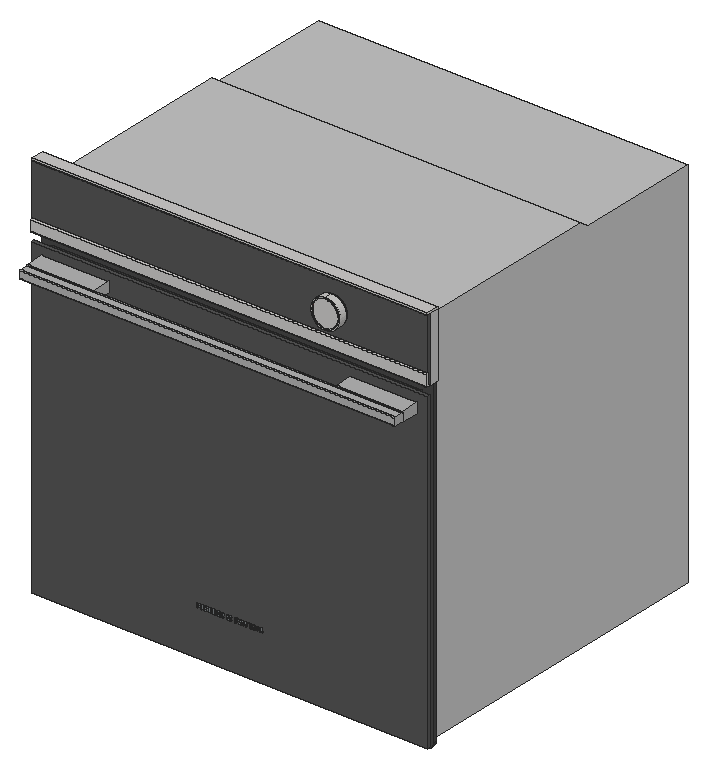
Revit family "FP-Revit18-OB60SD13PLX1-Oven-0-AU-IE-NZ-UK-90002665A", category Specialty Equipment, Revit 2018
Family settings
  Round Connector Dimension = Use Diameter
  Part Type = Normal
  OmniClass Number = 23.40.40.14.17.11
  OmniClass Title = Cookers, Ovens, Stoves
  Work Plane-Based = No
  Always vertical = Yes
  Cut with Voids When Loaded = Yes
  Shared = No
  Room Calculation Point = No
Parameters (values of type "OB60SD13PLX1")
  Visibility - Clearance Required = yes
  URL = "www.fisherpaykel.com"
  Product - Width = 596 mm  # constant formula
  Product - Height = 598 mm  # constant formula
  Product - Depth = 565 mm  # constant formula
  Model = "OB60SD13PLX1"
  Material - Trim = Fisher & Paykel - Stainless Steel
  Material - Structure = Fisher & Paykel - Black
  Material - Logo = Fisher & Paykel - Graphics Grey
  Material - Handle = Fisher & Paykel - Aluminium
  Material - Glass = Fisher & Paykel - Glass, Black
  Material - Buttons and Dials = Fisher & Paykel - Stainless Steel
  Material - Body = Fisher & Paykel - Grey
  Material - Bezel = Fisher & Paykel - Bezel Red
  Manufacturer = "Fisher & Paykel Appliances"
  FFL Offset [instance] = 200 mm
  Description = "60cm Built-In Oven"
  Connector Note - Electrical = "220-240 V, 12.8 - 13.8 A, 50 Hz"
  Chassis - Width = 556 mm  # constant formula
  Chassis - Height = 575 mm  # constant formula
  Chassis - Depth = 545 mm  # constant formula
  Cavity - Width = 560 mm  # constant formula
  Cavity - Height = 580 mm  # constant formula
  Cavity - Depth = 550 mm  # constant formula
Reference planes
  plane 1 "Datum": y = 0
  plane 2: z = 0
  plane 3 "Center (Left/Right)": x = 0
  plane 4 "Cavity": z = 780
  plane 5 "Product Height": z = 798
  plane 6 "Product LHS": x = -298
  plane 7 "Product RHS": x = 298
  plane 8 "Cavity LHS": x = -300
  plane 9 "Cavity RHS": x = 300
  plane 10 "Cavity - Depth": y = 550
  plane 11 "Product Depth": y = 545
  plane 12 "Front Face": y = -20
  plane 13 "FFL Offset": z = 200
  plane 14 "Cavity Height": z = 800
Forms (mm)
  Extrusion 1, solid, material "Fisher & Paykel - Grey" <- "Material - Body"
    sketch origin (0, 0, 0) x (0, 1, 0) y (0, 0, 1)
      loop
        line (0, 200) -> (525, 200) -> (525, 393.99) -> (545, 413.99) -> (545, 609.73) -> (495, 659.73) -> (495, 764.6) -> (307.721, 764.6) -> (293.958, 775) -> (0, 775) -> (0, 200)
    from -278 to 278
  Extrusion 2, void
    sketch origin (0, 0, 0) x (1, 0, 0) y (0, 1, 0)
      loop
        line (-278, 495) -> (-229.13, 495) -> (-179.13, 545) -> (-278, 545) -> (-278, 495)
      loop
        line (278, 495) -> (278, 545) -> (94.617, 545) -> (114.617, 525) -> (199.13, 525) -> (229.13, 495) -> (278, 495)
    from 200 to 764.6
  Extrusion 3, solid, material "Fisher & Paykel - Stainless Steel" <- "Material - Trim"
    sketch origin (0, 0, 0) x (0, 1, 0) y (0, 0, 1)
      loop
        line (0, 798) -> (-20.5, 798) -> (-20.5, 795.1) -> (0, 795.1) -> (0, 798)
    from -297.7 to 297.7
  Extrusion 4, solid, material "Fisher & Paykel - Grey" <- "Material - Body"
    sketch origin (0, 0, 0) x (0, 1, 0) y (0, 0, 1)
      loop
        line (-16, 795.1) -> (-16, 698) -> (0, 698) -> (0, 795.1) -> (-16, 795.1)
    from -297.7 to 297.7
  Extrusion 5, solid, material "Fisher & Paykel - Glass, Black" <- "Material - Glass"
    sketch origin (0, 0, 0) x (1, 0, 0) y (0, 0, 1)
      loop
        line (-298, 685.199) -> (-298, 210.2) -> (298, 210.2) -> (298, 685.199) -> (-298, 685.199)
      loop
        line (-298, 699.5) -> (298, 699.5) -> (298, 794.5) -> (-298, 794.5) -> (-298, 699.5)
    from 16 to 20
  Extrusion 6, solid, material "Fisher & Paykel - Black" <- "Material - Structure"
    sketch origin (0, 0, 0) x (0, 1, 0) y (0, 0, 1)
      loop
        line (-13.8, 683.7) -> (-16, 683.7) -> (-16, 224.7) -> (-5, 224.7) -> (-5, 680.497) -> (-13.8, 683.7)
    from -277 to 277
  Extrusion 7, solid, material "Fisher & Paykel - Black" <- "Material - Structure"
    sketch origin (0, 0, 0) x (1, 0, 0) y (0, 0, 1)
      loop
        line (-295, 698) -> (-295, 209.536)
        arc (-295, 209.536) -> (-292.207, 202.793) -> (-285.464, 200) r 9.536
        line (-285.464, 200) -> (285.5, 200)
        arc (285.5, 200) -> (292.218, 202.782) -> (295, 209.5) r 9.5
        line (295, 209.5) -> (295, 698) -> (-295, 698)
    from 0 to 5
  Extrusion 8, solid, material "Fisher & Paykel - Clearance Required", visible <- "Visibility - Clearance Required", detail levels coarse
    sketch origin (0, 0, 0) x (0, 1, 0) y (0, 0, 1)
      loop
        line (0, 800) -> (-20, 800) -> (-20, 685.452)
        arc (-20, 685.452) -> (-338.426, 558.091) -> (-479.879, 245.669) r 459.33
        line (-479.879, 245.669) -> (-453.852, 243.749) -> (-456.942, 201.858) -> (-440.966, 200.68) -> (-437.876, 242.565) -> (-20, 211.735) -> (-20, 200) -> (0, 200) -> (0, 800)
    from -300 to 300
  Extrusion 9, solid, material "Fisher & Paykel - Clearance Required", visible <- "Visibility - Clearance Required", detail levels coarse
    sketch origin (0, 0, 0) x (1, 0, 0) y (0, 1, 0)
      loop
        line (-280, 0) -> (280, 0) -> (280, 550) -> (-280, 550) -> (-280, 0)
    from 200 to 780
  Extrusion 10, void
    sketch origin (0, 0, 0) x (1, 0, 0) y (0, 1, 0)
      loop
        line (-300, -20) -> (300, -20) -> (300, 0) -> (-300, 0) -> (-300, -20)
    from 200 to 800
  Extrusion 11, solid, material "Fisher & Paykel - Stainless Steel" <- "Material - Trim", detail levels fine
    sketch origin (0, 0, 0) x (0, 1, 0) y (0, 0, 1)
      loop
        line (-21.7, 715.595) -> (-21.7, 699.2)
        arc (-21.7, 699.2) -> (-21.349, 698.351) -> (-20.5, 698) r 1.2
        line (-20.5, 698) -> (-17.526, 698) -> (-17.526, 699.5) -> (-20, 699.5) -> (-20, 717.643) -> (-20.789, 717.643) -> (-21.7, 715.595)
    from -298 to 298
  Extrusion 12, void
    sketch origin (0, 0, 0) x (1, 0, 0) y (0, 1, 0)
      loop
        line (-280, 550) -> (-280, 0) -> (280, 0) -> (280, 550) -> (-280, 550)
    from 200 to 780
  Extrusion 13, solid, material "Fisher & Paykel - Aluminium" <- "Material - Handle", detail levels fine
    sketch origin (0, -21, 664.221) x (0, 1, 0) y (0, 0, 1)
      loop
        arc (-26.813, 6.16) -> (-27.196, 6.554) -> (-27.728, 6.686) r 1
        line (-27.728, 6.686) -> (-40.035, 6.256)
        arc (-40.035, 6.256) -> (-40.719, 5.951) -> (-41, 5.257) r 1
        line (-41, 5.257) -> (-41, -5.257)
        arc (-41, -5.257) -> (-40.719, -5.951) -> (-40.035, -6.256) r 1
        line (-40.035, -6.256) -> (-27.709, -6.686)
        arc (-27.709, -6.686) -> (-27.175, -6.554) -> (-26.792, -6.158) r 1
        arc (-26.792, -6.158) -> (-25.256, 0.004) -> (-26.813, 6.16) r 13.038
    from -282.5 to 282.5
  Extrusion 14, solid, material "Fisher & Paykel - Aluminium" <- "Material - Handle", detail levels fine
    sketch origin (0, -21, 664.221) x (0, 1, 0) y (0, 0, 1)
      loop
        arc (-26.626, -6.008) -> (-26.614, -6.49) -> (-26.2, -6.737) r 0.5
        line (-26.2, -6.737) -> (1, -7.732) -> (1, 7.741) -> (-26.174, 6.747)
        arc (-26.174, 6.747) -> (-26.587, 6.5) -> (-26.6, 6.019) r 0.5
        arc (-26.6, 6.019) -> (-25.156, 0.002) -> (-26.626, -6.008) r 13.136
    from 182.5 to 282.5
  Extrusion 15, solid, material "Fisher & Paykel - Aluminium" <- "Material - Handle", detail levels coarse+medium
    sketch origin (0, -21, 664.221) x (1, 0, 0) y (0, 1, 0)
      loop
        line (-282.5, -41) -> (282.5, -41) -> (282.5, 1) -> (182.5, 1) -> (182.5, -26.156) -> (-182.5, -26.156) -> (-182.5, 1) -> (-282.5, 1) -> (-282.5, -41)
    from -8.022 to 7.978
  Extrusion 16, solid, material "Fisher & Paykel - Aluminium" <- "Material - Handle", detail levels fine
    sketch origin (0, -21, 664.221) x (0, 1, 0) y (0, 0, 1)
      loop
        arc (-26.626, -6.008) -> (-26.614, -6.49) -> (-26.2, -6.737) r 0.5
        line (-26.2, -6.737) -> (1, -7.732) -> (1, 7.741) -> (-26.174, 6.747)
        arc (-26.174, 6.747) -> (-26.587, 6.5) -> (-26.6, 6.019) r 0.5
        arc (-26.6, 6.019) -> (-25.156, 0.002) -> (-26.626, -6.008) r 13.136
    from -282.5 to -182.5
  Extrusion 17, solid, material "Fisher & Paykel - Aluminium" <- "Material - Handle", not visible, detail levels fine
    sketch origin (0, -22, 652) x (0, 1, 0) y (0, 0, 1)
      loop
        arc (-26.813, 6.16) -> (-27.196, 6.554) -> (-27.728, 6.686) r 1
        line (-27.728, 6.686) -> (-40.035, 6.256)
        arc (-40.035, 6.256) -> (-40.719, 5.951) -> (-41, 5.257) r 1
        line (-41, 5.257) -> (-41, -5.257)
        arc (-41, -5.257) -> (-40.719, -5.951) -> (-40.035, -6.256) r 1
        line (-40.035, -6.256) -> (-27.709, -6.686)
        arc (-27.709, -6.686) -> (-27.175, -6.554) -> (-26.792, -6.158) r 1
        arc (-26.792, -6.158) -> (-25.256, 0.004) -> (-26.813, 6.16) r 13.038
    from -282.5 to 282.5
  Extrusion 18, solid, material "Fisher & Paykel - Aluminium" <- "Material - Handle", not visible, detail levels fine
    sketch origin (0, -22, 652) x (0, 1, 0) y (0, 0, 1)
      loop
        arc (-26.626, -6.008) -> (-26.614, -6.49) -> (-26.2, -6.737) r 0.5
        line (-26.2, -6.737) -> (1, -7.732) -> (1, 7.741) -> (-26.174, 6.747)
        arc (-26.174, 6.747) -> (-26.587, 6.5) -> (-26.6, 6.019) r 0.5
        arc (-26.6, 6.019) -> (-25.156, 0.002) -> (-26.626, -6.008) r 13.136
    from 182.5 to 282.5
  Extrusion 19, solid, material "Fisher & Paykel - Aluminium" <- "Material - Handle", not visible, detail levels coarse+medium
    sketch origin (0, -22, 652) x (1, 0, 0) y (0, 1, 0)
      loop
        line (-282.5, -41) -> (282.5, -41) -> (282.5, 1) -> (182.5, 1) -> (182.5, -26.156) -> (-182.5, -26.156) -> (-182.5, 1) -> (-282.5, 1) -> (-282.5, -41)
    from -8.022 to 7.978
  Extrusion 20, solid, material "Fisher & Paykel - Aluminium" <- "Material - Handle", not visible, detail levels fine
    sketch origin (0, -22, 652) x (0, 1, 0) y (0, 0, 1)
      loop
        arc (-26.626, -6.008) -> (-26.614, -6.49) -> (-26.2, -6.737) r 0.5
        line (-26.2, -6.737) -> (1, -7.732) -> (1, 7.741) -> (-26.174, 6.747)
        arc (-26.174, 6.747) -> (-26.587, 6.5) -> (-26.6, 6.019) r 0.5
        arc (-26.6, 6.019) -> (-25.156, 0.002) -> (-26.626, -6.008) r 13.136
    from -282.5 to -182.5
  Extrusion 21, solid, material "Fisher & Paykel - Graphics Grey" <- "Material - Logo", detail levels fine
    sketch origin (0, -20, 278.956) x (1, 0, 0) y (0, 0, 1)
      loop
        line (-49.544, 0) -> (-47.97, 0) -> (-47.97, 2.138) -> (-45.511, 2.138) -> (-45.511, 3.472) -> (-47.97, 3.472) -> (-47.97, 4.712) -> (-45.295, 4.712) -> (-45.295, 6.04) -> (-49.544, 6.04) -> (-49.544, 0)
      loop
        line (-42.304, 6.04) -> (-42.304, 0) -> (-40.73, 0) -> (-40.73, 6.04) -> (-42.304, 6.04)
      loop
        line (-30.224, 6.04) -> (-30.224, 0) -> (-28.651, 0) -> (-28.651, 2.42) -> (-26.339, 2.42) -> (-26.339, 0) -> (-24.765, 0) -> (-24.765, 6.04) -> (-26.339, 6.04) -> (-26.339, 3.748) -> (-28.651, 3.748) -> (-28.651, 6.04) -> (-30.224, 6.04)
      loop
        line (-21.406, 6.04) -> (-21.406, 0) -> (-17.102, 0) -> (-17.102, 1.328) -> (-19.847, 1.328) -> (-19.847, 2.42) -> (-17.338, 2.42) -> (-17.338, 3.748) -> (-19.847, 3.748) -> (-19.847, 4.712) -> (-17.102, 4.712) -> (-17.102, 6.04) -> (-21.406, 6.04)
      loop
        line (46.167, 6.04) -> (46.167, 0) -> (50.456, 0) -> (50.456, 1.328) -> (47.741, 1.328) -> (47.741, 6.04) -> (46.167, 6.04)
      loop
        line (42.931, 6.04) -> (38.612, 6.04) -> (38.612, 0) -> (42.931, 0) -> (42.931, 1.328) -> (40.187, 1.328) -> (40.187, 2.42) -> (42.695, 2.42) -> (42.695, 3.748) -> (40.187, 3.748) -> (40.187, 4.712) -> (42.931, 4.712) -> (42.931, 6.04)
      loop
        line (33.951, 3.148) -> (36.183, 6.04) -> (34.344, 6.04) -> (32.415, 3.542) -> (32.415, 6.04) -> (30.842, 6.04) -> (30.842, 0) -> (32.415, 0) -> (32.415, 2.705) -> (34.403, 0) -> (36.263, 0) -> (33.951, 3.148)
      loop
        line (22.48, 6.04) -> (24.762, 2.42) -> (24.762, 0) -> (26.337, 0) -> (26.337, 2.341) -> (28.619, 6.04) -> (26.946, 6.04) -> (25.599, 3.707) -> (24.253, 6.04) -> (22.48, 6.04)
      loop
        line (18.979, 6.04) -> (17.483, 6.04) -> (15.024, 0) -> (16.569, 0) -> (17.001, 1.112) -> (19.421, 1.112) -> (19.854, 0) -> (21.438, 0) -> (18.979, 6.04)
      loop
        line (18.9, 2.439) -> (18.193, 4.174) -> (17.518, 2.439) -> (18.9, 2.439)
      loop
        line (8.531, 6.04) -> (8.531, 0) -> (10.105, 0) -> (10.105, 1.938) -> (11.099, 1.938)
        arc (11.099, 1.938) -> (13.15, 3.989) -> (11.099, 6.04) r 2.051
        line (11.099, 6.04) -> (8.531, 6.04)
      loop
        line (10.105, 4.712) -> (10.105, 3.197) -> (11.001, 3.197)
        arc (11.001, 3.197) -> (11.759, 3.954) -> (11.001, 4.712) r 0.757
        line (11.001, 4.712) -> (10.105, 4.712)
      loop
        line (-11.283, 6.04) -> (-13.866, 6.04) -> (-13.866, 0) -> (-12.292, 0) -> (-12.292, 1.336) -> (-11.492, 1.336) -> (-10.472, 0) -> (-8.653, 0) -> (-10.194, 1.973)
        arc (-10.194, 1.973) -> (-9.178, 4.424) -> (-11.283, 6.04) r 2.179
      loop
        line (-11.397, 4.712) -> (-12.292, 4.712) -> (-12.292, 3.053) -> (-11.397, 3.053)
        arc (-11.397, 3.053) -> (-10.568, 3.882) -> (-11.397, 4.712) r 0.83
      loop
        line (0.977, 4.712) -> (0.977, 6.153) -> (-3.075, 6.153) -> (-3.075, 4.851) -> (-2.474, 4.112)
        arc (-2.474, 4.112) -> (-3.01, 0.684) -> (0.455, 0.512) r 2.334
        line (0.455, 0.512) -> (0.96, -0.109) -> (2.746, -0.109) -> (1.36, 1.594) -> (2.561, 3.324) -> (0.943, 3.324) -> (0.487, 2.667) -> (-1.177, 4.712) -> (0.977, 4.712)
      loop
        arc (-1.625, 3.068) -> (-1.769, 1.668) -> (-0.368, 1.524) r 0.996
        line (-0.368, 1.524) -> (-1.625, 3.068)
      loop
        line (-34.68, 3.634) -> (-36.016, 3.91)
        arc (-36.016, 3.91) -> (-36.549, 4.443) -> (-36.016, 4.976) r 0.533
        arc (-36.016, 4.976) -> (-34.735, 4.79) -> (-33.559, 4.248) r 4.505
        line (-33.559, 4.248) -> (-33.559, 5.743)
        arc (-33.559, 5.743) -> (-35.049, 6.179) -> (-36.6, 6.109) r 4.726
        arc (-36.6, 6.109) -> (-38.036, 4.335) -> (-36.6, 2.561) r 1.814
        line (-36.6, 2.561) -> (-35.254, 2.282)
        arc (-35.254, 2.282) -> (-34.721, 1.749) -> (-35.254, 1.216) r 0.533
        arc (-35.254, 1.216) -> (-36.535, 1.402) -> (-37.711, 1.945) r 4.505
        line (-37.711, 1.945) -> (-37.711, 0.449)
        arc (-37.711, 0.449) -> (-36.22, 0.013) -> (-34.669, 0.083) r 4.726
        arc (-34.669, 0.083) -> (-33.234, 1.863) -> (-34.68, 3.634) r 1.814
    from 0 to 0.8
  Revolve 22, solid, material "Fisher & Paykel - Stainless Steel" <- "Material - Buttons and Dials", detail levels fine
    sketch origin (154.861, -20, 752.537) x (0, 1, 0) y (0, 0, 1)
      loop
        line (0, 22) -> (-0.843, 22) -> (-0.843, 16.038) -> (-2.39, 16.038) -> (-2.39, 22) -> (-13.7, 22) -> (-13.7, 21.2) -> (-13.191, 20) -> (-8.9, 20) -> (-8.9, 0) -> (0, 0) -> (0, 22)
      axis (0, 0) -> (-13.7, 0)
    angle from 0 to 360
  Extrusion 23, solid, material "Fisher & Paykel - Stainless Steel" <- "Material - Buttons and Dials", detail levels fine
    sketch origin (154.861, -20, 752.537) x (1, 0, 0) y (0, 0, 1)
      loop
        circle (0, 0) r 19.45
    from 8.9 to 13.191
  Extrusion 24, solid, material "Fisher & Paykel - Stainless Steel" <- "Material - Buttons and Dials", detail levels coarse+medium
    sketch origin (154.861, -20, 752.537) x (1, 0, 0) y (0, 0, 1)
      loop
        circle (0, 0) r 22
    from 0 to 13.7
  Extrusion 25, solid, material "Fisher & Paykel - Bezel Red" <- "Material - Bezel", detail levels fine
    sketch origin (154.861, -20, 752.537) x (1, 0, 0) y (0, 0, 1)
      loop
        circle (0, 0) r 19.45
      loop
        circle (0, 0) r 20
    from 2.39 to 13.191
  Extrusion 26, solid, material "Fisher & Paykel - Grey" <- "Material - Body"
    sketch origin (154.861, 0, 0) x (0, 1, 0) y (0, 0, 1)
      loop
        line (495, 736) -> (495, 683) -> (514, 683) -> (514, 736) -> (495, 736)
    from -372.861 to -289.861
  Extrusion 27, solid, material "Fisher & Paykel - Grey" <- "Material - Body"
    sketch origin (154.861, 0, 0) x (0, 1, 0) y (0, 0, 1)
      loop
        circle (504.5, 703) r 4
    from -410 to -372.861
Cuts and joins
  Extrusion 2 cuts Extrusion 1
Lines and regions (mm)
  model lines, style "Fisher & Paykel"
    curve 1: line (217, -20, 334) -> (-217, -20, 334)
    curve 2: line (217, -20, 617.236) -> (217, -20, 334)
    curve 3: line (-217, -20, 617.236) -> (217, -20, 617.236)
    curve 4: line (-217, -20, 334) -> (-217, -20, 617.236)
Text (mm)
  text "Due to ongoing product development, product details are subject to change without notice. \nPlease always refer to www.fisherpaykel.com for the most current product information. \n© Fisher & Paykel 2020" at (40.64, -604.808, 0), in view "Ref. Level (Plan)"
Dimensions and locks
  equal spacing: plane 6 "Product LHS", plane 3 "Center (Left/Right)", plane 7 "Product RHS"
  "Product - Width": plane 6 "Product LHS" to plane 7 "Product RHS"
  equal spacing: plane 8 "Cavity LHS", plane 3 "Center (Left/Right)", plane 9 "Cavity RHS"
  "Cavity - Depth": plane 10 "Cavity - Depth" to plane 1 "Datum"
  "Chassis - Depth": plane 11 "Product Depth" to plane 1 "Datum"
  plane 12 "Front Face" to plane 1 "Datum" = 20 mm
  "Product - Depth": plane 11 "Product Depth" to plane 12 "Front Face"
  "FFL Offset": plane 13 "FFL Offset" to level
  "Product - Height": plane 5 "Product Height" to plane 13 "FFL Offset"
  "Cavity - Height": plane 4 "Cavity" to plane 13 "FFL Offset"
  Extrusion 5 to plane 13 "FFL Offset" = 10.2 mm
  Extrusion 6 to plane 13 "FFL Offset" = 24.7 mm
  locked: plane 5 "Product Height" to cut or joined group of Extrusion 1, Extrusion 2 at 33.4
  locked: plane 14 "Cavity Height" to plane 13 "FFL Offset" at 600
  locked: Extrusion 21 to plane 13 "FFL Offset" at 78.847
  equal spacing: Extrusion 9, plane 3 "Center (Left/Right)", Extrusion 9
  "Cavity - Width": Extrusion 9 to Extrusion 9
  locked: Extrusion 15 to plane 13 "FFL Offset" at 472.199
  locked: Extrusion 8 sketch curve to plane 13 "FFL Offset" at 11.735
  equal spacing: cut or joined group of Extrusion 1, Extrusion 2, plane 3 "Center (Left/Right)", cut or joined group of Extrusion 1, Extrusion 2
  "Chassis - Width": cut or joined group of Extrusion 1, Extrusion 2 to cut or joined group of Extrusion 1, Extrusion 2
  aligned and locked: level to plane 2
  aligned and locked: plane 8 "Cavity LHS" to Extrusion 8
  aligned and locked: Extrusion 8 to plane 9 "Cavity RHS"
  aligned and locked: Extrusion 1 sketch curve to plane 13 "FFL Offset"
  aligned and locked: Extrusion 1 to Extrusion 2
  aligned and locked: Extrusion 2 to Extrusion 1
  aligned and locked: plane 13 "FFL Offset" to Extrusion 8 sketch curve
  aligned and locked: plane 13 "FFL Offset" to Extrusion 7 sketch curve
  aligned and locked: Extrusion 12 to cut or joined group of Extrusion 1, Extrusion 2
  aligned and locked: plane 4 "Cavity" to Extrusion 12
  aligned and locked: plane 4 "Cavity" to Extrusion 9
  aligned and locked: Extrusion 9 to cut or joined group of Extrusion 1, Extrusion 2
  aligned and locked: Extrusion 10 to cut or joined group of Extrusion 1, Extrusion 2
  aligned and locked: Extrusion 10 to Extrusion 7
  aligned and locked: Extrusion 10 to Extrusion 8
  aligned and locked: plane 14 "Cavity Height" to Extrusion 10
  aligned and locked: Extrusion 12 to Extrusion 9  (x2)
Automatic sketch dimensions
  Extrusion 13 sketch curve to Extrusion 13 sketch curve = 0.965 mm  (x2)
  Extrusion 13 sketch curve to Extrusion 13 sketch curve = 0.035 mm  (x4)
  Extrusion 13 sketch curve to Extrusion 13 sketch curve = 1.706 mm
  Extrusion 13 sketch curve to Extrusion 13 sketch curve = 12.307 mm
  Extrusion 13 sketch curve to Extrusion 13 sketch curve = 12.326 mm
  Extrusion 13 sketch curve to Extrusion 13 sketch curve = 0.999 mm  (x2)
  Extrusion 13 sketch curve to Extrusion 13 sketch curve = 5.238 mm
  Extrusion 13 sketch curve to Extrusion 13 sketch curve = 0 mm
  Extrusion 14 sketch curve to Extrusion 14 sketch curve = 12.091 mm
  Extrusion 14 sketch curve to Extrusion 14 sketch curve = 0.018 mm  (x2)
  Extrusion 14 sketch curve to Extrusion 14 sketch curve = 0.008 mm
  Extrusion 14 sketch curve to Extrusion 14 sketch curve = 27.174 mm
  Extrusion 14 sketch curve to Extrusion 14 sketch curve = 15.473 mm
  Extrusion 14 sketch curve to Extrusion 14 sketch curve = 0.5 mm  (x2)
  Extrusion 14 sketch curve to Extrusion 14 sketch curve = 0 mm
  Extrusion 15 sketch curve to Extrusion 15 sketch curve = 14.844 mm
  Extrusion 15 sketch curve to Extrusion 15 sketch curve = 27.156 mm  (x2)
  Extrusion 16 sketch curve to Extrusion 16 sketch curve = 12.091 mm
  Extrusion 16 sketch curve to Extrusion 16 sketch curve = 0.018 mm  (x2)
  Extrusion 16 sketch curve to Extrusion 16 sketch curve = 0.008 mm
  Extrusion 16 sketch curve to Extrusion 16 sketch curve = 27.174 mm
  Extrusion 16 sketch curve to Extrusion 16 sketch curve = 15.473 mm
  Extrusion 16 sketch curve to Extrusion 16 sketch curve = 0.5 mm  (x2)
  Extrusion 16 sketch curve to Extrusion 16 sketch curve = 0 mm
  Extrusion 13 sketch curve to Extrusion 13 sketch curve = 0.43 mm
  Extrusion 13 sketch curve to Extrusion 13 sketch curve = 5.275 mm
  Extrusion 13 sketch curve to Extrusion 13 sketch curve = 11.374 mm
  Extrusion 14 sketch curve to Extrusion 14 sketch curve = 0.995 mm
  Extrusion 14 sketch curve to Extrusion 14 sketch curve = 6.268 mm
  Extrusion 14 sketch curve to Extrusion 14 sketch curve = 12.255 mm
  Extrusion 15 sketch curve to Extrusion 15 sketch curve = 100 mm  (x2)
  Extrusion 15 sketch curve to Extrusion 15 sketch curve = 365 mm
  Extrusion 16 sketch curve to Extrusion 16 sketch curve = 0.995 mm
  Extrusion 16 sketch curve to Extrusion 16 sketch curve = 6.268 mm
  Extrusion 16 sketch curve to Extrusion 16 sketch curve = 12.255 mm
  Extrusion 17 sketch curve to Extrusion 17 sketch curve = 0.965 mm  (x2)
  Extrusion 17 sketch curve to Extrusion 17 sketch curve = 0.035 mm  (x4)
  Extrusion 17 sketch curve to Extrusion 17 sketch curve = 1.706 mm
  Extrusion 17 sketch curve to Extrusion 17 sketch curve = 12.307 mm
  Extrusion 17 sketch curve to Extrusion 17 sketch curve = 12.326 mm
  Extrusion 17 sketch curve to Extrusion 17 sketch curve = 0.999 mm  (x2)
  Extrusion 17 sketch curve to Extrusion 17 sketch curve = 5.238 mm
  Extrusion 17 sketch curve to Extrusion 17 sketch curve = 0 mm
  Extrusion 18 sketch curve to Extrusion 18 sketch curve = 12.091 mm
  Extrusion 18 sketch curve to Extrusion 18 sketch curve = 0.018 mm  (x2)
  Extrusion 18 sketch curve to Extrusion 18 sketch curve = 0.008 mm
  Extrusion 18 sketch curve to Extrusion 18 sketch curve = 27.174 mm
  Extrusion 18 sketch curve to Extrusion 18 sketch curve = 15.473 mm
  Extrusion 18 sketch curve to Extrusion 18 sketch curve = 0.5 mm  (x2)
  Extrusion 18 sketch curve to Extrusion 18 sketch curve = 0 mm
  Extrusion 19 sketch curve to Extrusion 19 sketch curve = 14.844 mm
  Extrusion 19 sketch curve to Extrusion 19 sketch curve = 27.156 mm  (x2)
  Extrusion 20 sketch curve to Extrusion 20 sketch curve = 12.091 mm
  Extrusion 20 sketch curve to Extrusion 20 sketch curve = 0.018 mm  (x2)
  Extrusion 20 sketch curve to Extrusion 20 sketch curve = 0.008 mm
  Extrusion 20 sketch curve to Extrusion 20 sketch curve = 27.174 mm
  Extrusion 20 sketch curve to Extrusion 20 sketch curve = 15.473 mm
  Extrusion 20 sketch curve to Extrusion 20 sketch curve = 0.5 mm  (x2)
  Extrusion 20 sketch curve to Extrusion 20 sketch curve = 0 mm
  Extrusion 17 sketch curve to Extrusion 17 sketch curve = 0.43 mm
  Extrusion 17 sketch curve to Extrusion 17 sketch curve = 5.275 mm
  Extrusion 17 sketch curve to Extrusion 17 sketch curve = 11.374 mm
  Extrusion 18 sketch curve to Extrusion 18 sketch curve = 0.995 mm
  Extrusion 18 sketch curve to Extrusion 18 sketch curve = 6.268 mm
  Extrusion 18 sketch curve to Extrusion 18 sketch curve = 12.255 mm
  Extrusion 19 sketch curve to Extrusion 19 sketch curve = 100 mm  (x2)
  Extrusion 19 sketch curve to Extrusion 19 sketch curve = 365 mm
  Extrusion 20 sketch curve to Extrusion 20 sketch curve = 0.995 mm
  Extrusion 20 sketch curve to Extrusion 20 sketch curve = 6.268 mm
  Extrusion 20 sketch curve to Extrusion 20 sketch curve = 12.255 mm
  Extrusion 1 sketch curve to plane 1 "Datum" = 0 mm
  Extrusion 1 sketch curve to plane 11 "Product Depth" = 0 mm
  Extrusion 1 sketch curve to plane 4 "Cavity" = 5 mm
  Extrusion 1 sketch curve to plane 11 "Product Depth" = 251.042 mm
  Extrusion 1 sketch curve to Extrusion 1 sketch curve = 13.762 mm
  Extrusion 1 sketch curve to plane 4 "Cavity" = 15.4 mm
  Extrusion 1 sketch curve to plane 11 "Product Depth" = 50 mm
  Extrusion 1 sketch curve to plane 11 "Product Depth" = 20 mm
  Extrusion 1 sketch curve to Extrusion 1 sketch curve = 193.99 mm
  Extrusion 1 sketch curve to Extrusion 1 sketch curve = 20 mm
  Extrusion 1 sketch curve to Extrusion 1 sketch curve = 154.87 mm
  Extrusion 1 sketch curve to Extrusion 1 sketch curve = 50 mm
  Extrusion 2 sketch curve to plane 11 "Product Depth" = 0 mm  (x2)
  Extrusion 2 sketch curve to plane 6 "Product LHS" = 20 mm
  Extrusion 2 sketch curve to Extrusion 2 sketch curve = 48.87 mm
  Extrusion 2 sketch curve to Extrusion 2 sketch curve = 50 mm  (x3)
  plane 3 "Center (Left/Right)" to Extrusion 2 sketch curve = 94.617 mm
  Extrusion 2 sketch curve to Extrusion 2 sketch curve = 20 mm
  Extrusion 2 sketch curve to plane 11 "Product Depth" = 20 mm
  Extrusion 2 sketch curve to Extrusion 2 sketch curve = 84.513 mm
  Extrusion 2 sketch curve to Extrusion 2 sketch curve = 30 mm
  plane 7 "Product RHS" to Extrusion 2 sketch curve = 20 mm
  Extrusion 3 sketch curve to plane 1 "Datum" = 0 mm
  Extrusion 3 sketch curve to plane 12 "Front Face" = 0.5 mm
  Extrusion 3 sketch curve to plane 5 "Product Height" = 2.9 mm
  plane 5 "Product Height" to Extrusion 3 sketch curve = 0 mm
  Extrusion 4 sketch curve to plane 1 "Datum" = 0 mm
  plane 12 "Front Face" to Extrusion 4 sketch curve = 4 mm
  Extrusion 4 sketch curve to plane 4 "Cavity" = 82 mm
  Extrusion 4 sketch curve to plane 5 "Product Height" = 2.9 mm
  plane 6 "Product LHS" to Extrusion 5 sketch curve = 0 mm  (x2)
  plane 7 "Product RHS" to Extrusion 5 sketch curve = 0 mm  (x2)
  plane 13 "FFL Offset" to Extrusion 5 sketch curve = 10.2 mm
  Extrusion 5 sketch curve to plane 4 "Cavity" = 94.801 mm
  Extrusion 5 sketch curve to Extrusion 5 sketch curve = 14.301 mm
  Extrusion 5 sketch curve to plane 5 "Product Height" = 3.5 mm
  plane 12 "Front Face" to Extrusion 6 sketch curve = 4 mm
  Extrusion 6 sketch curve to Extrusion 6 sketch curve = 2.2 mm
  plane 1 "Datum" to Extrusion 6 sketch curve = 5 mm
  plane 13 "FFL Offset" to Extrusion 6 sketch curve = 24.7 mm
  Extrusion 6 sketch curve to plane 4 "Cavity" = 99.503 mm
  Extrusion 6 sketch curve to Extrusion 6 sketch curve = 3.203 mm
  Extrusion 7 sketch curve to plane 6 "Product LHS" = 3 mm
  Extrusion 7 sketch curve to Extrusion 7 sketch curve = 9.536 mm
  plane 7 "Product RHS" to Extrusion 7 sketch curve = 12.5 mm
  plane 7 "Product RHS" to Extrusion 7 sketch curve = 3 mm
  Extrusion 7 sketch curve to plane 4 "Cavity" = 82 mm
  Extrusion 9 sketch curve to plane 10 "Cavity - Depth" = 0 mm
  plane 1 "Datum" to Extrusion 9 sketch curve = 0 mm
  Extrusion 9 sketch curve to plane 6 "Product LHS" = 18 mm
  plane 7 "Product RHS" to Extrusion 9 sketch curve = 18 mm
  plane 1 "Datum" to Extrusion 10 sketch curve = 0 mm
  Extrusion 10 sketch curve to plane 8 "Cavity LHS" = 0 mm
  Extrusion 10 sketch curve to plane 9 "Cavity RHS" = 0 mm
  Extrusion 10 sketch curve to plane 12 "Front Face" = 0 mm
  Extrusion 11 sketch curve to plane 12 "Front Face" = 0 mm
  Extrusion 11 sketch curve to plane 12 "Front Face" = 0.5 mm
  Extrusion 11 sketch curve to Extrusion 11 sketch curve = 0.789 mm
  Extrusion 11 sketch curve to plane 12 "Front Face" = 1.7 mm
  plane 12 "Front Face" to Extrusion 11 sketch curve = 2.474 mm
  Extrusion 11 sketch curve to plane 4 "Cavity" = 82 mm
  Extrusion 11 sketch curve to Extrusion 11 sketch curve = 1.5 mm
  Extrusion 11 sketch curve to Extrusion 11 sketch curve = 16.095 mm
  Extrusion 11 sketch curve to Extrusion 11 sketch curve = 2.048 mm
  plane 1 "Datum" to Extrusion 12 sketch curve = 0 mm
  Extrusion 12 sketch curve to plane 10 "Cavity - Depth" = 0 mm
  Extrusion 12 sketch curve to plane 6 "Product LHS" = 18 mm
  plane 7 "Product RHS" to Extrusion 12 sketch curve = 18 mm
  Extrusion 21 sketch curve to plane 3 "Center (Left/Right)" = 49.544 mm
  Extrusion 21 sketch curve to Extrusion 21 sketch curve = 1.574 mm  (x12)
  Extrusion 21 sketch curve to Extrusion 21 sketch curve = 2.459 mm
  Extrusion 21 sketch curve to Extrusion 21 sketch curve = 0.216 mm
  Extrusion 21 sketch curve to Extrusion 21 sketch curve = 3.207 mm
  Extrusion 21 sketch curve to Extrusion 21 sketch curve = 3.02 mm
  Extrusion 21 sketch curve to Extrusion 21 sketch curve = 1.11 mm
  Extrusion 21 sketch curve to Extrusion 21 sketch curve = 0.379 mm
  Extrusion 21 sketch curve to Extrusion 21 sketch curve = 0.206 mm  (x2)
  Extrusion 21 sketch curve to Extrusion 21 sketch curve = 0.36 mm  (x2)
  Extrusion 21 sketch curve to Extrusion 21 sketch curve = 0.402 mm
  Extrusion 21 sketch curve to Extrusion 21 sketch curve = 0 mm  (x21)
  Extrusion 21 sketch curve to Extrusion 21 sketch curve = 1.335 mm  (x2)
  Extrusion 21 sketch curve to Extrusion 21 sketch curve = 1.121 mm
  Extrusion 21 sketch curve to Extrusion 21 sketch curve = 3.335 mm
  Extrusion 21 sketch curve to Extrusion 21 sketch curve = 2.312 mm  (x2)
  Extrusion 21 sketch curve to Extrusion 21 sketch curve = 3.359 mm
  Extrusion 21 sketch curve to Extrusion 21 sketch curve = 1.559 mm
  Extrusion 21 sketch curve to Extrusion 21 sketch curve = 2.508 mm  (x2)
  Extrusion 21 sketch curve to Extrusion 21 sketch curve = 0.236 mm  (x4)
  Extrusion 21 sketch curve to Extrusion 21 sketch curve = 3.236 mm  (x2)
  Extrusion 21 sketch curve to Extrusion 21 sketch curve = 0.8 mm
  Extrusion 21 sketch curve to Extrusion 21 sketch curve = 0.895 mm
  Extrusion 21 sketch curve to Extrusion 21 sketch curve = 0.114 mm
  Extrusion 21 sketch curve to Extrusion 21 sketch curve = 1.02 mm
  Extrusion 21 sketch curve to Extrusion 21 sketch curve = 1.298 mm
  Extrusion 21 sketch curve to Extrusion 21 sketch curve = 1.82 mm
  Extrusion 21 sketch curve to plane 3 "Center (Left/Right)" = 3.075 mm
  Extrusion 21 sketch curve to Extrusion 21 sketch curve = 0.602 mm
  Extrusion 21 sketch curve to Extrusion 21 sketch curve = 0.849 mm
  Extrusion 21 sketch curve to Extrusion 21 sketch curve = 0.425 mm
  Extrusion 21 sketch curve to plane 3 "Center (Left/Right)" = 1.177 mm
  Extrusion 21 sketch curve to Extrusion 21 sketch curve = 0.203 mm
  Extrusion 21 sketch curve to plane 3 "Center (Left/Right)" = 0.368 mm
  plane 3 "Center (Left/Right)" to Extrusion 21 sketch curve = 0.455 mm
  plane 3 "Center (Left/Right)" to Extrusion 21 sketch curve = 0.487 mm
  Extrusion 21 sketch curve to Extrusion 21 sketch curve = 0.456 mm
  Extrusion 21 sketch curve to Extrusion 21 sketch curve = 0.505 mm
  plane 3 "Center (Left/Right)" to Extrusion 21 sketch curve = 0.977 mm
  plane 3 "Center (Left/Right)" to Extrusion 21 sketch curve = 1.36 mm
  Extrusion 21 sketch curve to Extrusion 21 sketch curve = 1.618 mm
  Extrusion 21 sketch curve to Extrusion 21 sketch curve = 1.785 mm
  Extrusion 21 sketch curve to Extrusion 21 sketch curve = 5.971 mm
  Extrusion 21 sketch curve to Extrusion 21 sketch curve = 0.896 mm
  Extrusion 21 sketch curve to Extrusion 21 sketch curve = 0.994 mm
  Extrusion 21 sketch curve to Extrusion 21 sketch curve = 3.925 mm
  Extrusion 21 sketch curve to Extrusion 21 sketch curve = 1.545 mm
  Extrusion 21 sketch curve to Extrusion 21 sketch curve = 0.433 mm  (x2)
  Extrusion 21 sketch curve to Extrusion 21 sketch curve = 0.482 mm
  Extrusion 21 sketch curve to Extrusion 21 sketch curve = 0.517 mm
  Extrusion 21 sketch curve to Extrusion 21 sketch curve = 0.675 mm
  Extrusion 21 sketch curve to Extrusion 21 sketch curve = 1.381 mm
  Extrusion 21 sketch curve to Extrusion 21 sketch curve = 1.495 mm
  Extrusion 21 sketch curve to Extrusion 21 sketch curve = 0.522 mm
  Extrusion 21 sketch curve to Extrusion 21 sketch curve = 1.584 mm
  Extrusion 21 sketch curve to Extrusion 21 sketch curve = 3.502 mm
  Extrusion 21 sketch curve to Extrusion 21 sketch curve = 1.772 mm
  Extrusion 21 sketch curve to Extrusion 21 sketch curve = 0.51 mm
  Extrusion 21 sketch curve to Extrusion 21 sketch curve = 0.837 mm
  Extrusion 21 sketch curve to Extrusion 21 sketch curve = 0.737 mm
  Extrusion 21 sketch curve to Extrusion 21 sketch curve = 2.694 mm
  Extrusion 21 sketch curve to Extrusion 21 sketch curve = 1.673 mm
  Extrusion 21 sketch curve to Extrusion 21 sketch curve = 2.223 mm
  Extrusion 21 sketch curve to Extrusion 21 sketch curve = 1.535 mm
  Extrusion 21 sketch curve to Extrusion 21 sketch curve = 1.928 mm
  Extrusion 21 sketch curve to Extrusion 21 sketch curve = 1.987 mm
  Extrusion 21 sketch curve to Extrusion 21 sketch curve = 1.839 mm
  Extrusion 21 sketch curve to Extrusion 21 sketch curve = 1.86 mm
  Extrusion 21 sketch curve to Extrusion 21 sketch curve = 2.429 mm
  Extrusion 21 sketch curve to Extrusion 21 sketch curve = 2.715 mm
  plane 13 "FFL Offset" to Extrusion 21 sketch curve = 78.847 mm
  Extrusion 21 sketch curve to Extrusion 21 sketch curve = 0.109 mm  (x5)
  Extrusion 21 sketch curve to Extrusion 21 sketch curve = 0.449 mm
  Extrusion 21 sketch curve to Extrusion 21 sketch curve = 0.023 mm
  Extrusion 21 sketch curve to Extrusion 21 sketch curve = 0.621 mm
  Extrusion 21 sketch curve to Extrusion 21 sketch curve = 1.112 mm
  Extrusion 21 sketch curve to Extrusion 21 sketch curve = 1.328 mm  (x10)
  Extrusion 21 sketch curve to Extrusion 21 sketch curve = 1.336 mm
  Extrusion 21 sketch curve to Extrusion 21 sketch curve = 1.015 mm
  Extrusion 21 sketch curve to Extrusion 21 sketch curve = 1.012 mm
  Extrusion 21 sketch curve to Extrusion 21 sketch curve = 1.082 mm
  Extrusion 21 sketch curve to Extrusion 21 sketch curve = 0.262 mm  (x2)
  Extrusion 21 sketch curve to Extrusion 21 sketch curve = 1.938 mm
  Extrusion 21 sketch curve to Extrusion 21 sketch curve = 1.496 mm  (x2)
  Extrusion 21 sketch curve to Extrusion 21 sketch curve = 0.637 mm
  Extrusion 21 sketch curve to Extrusion 21 sketch curve = 2.138 mm
  Extrusion 21 sketch curve to Extrusion 21 sketch curve = 0.632 mm
  Extrusion 21 sketch curve to Extrusion 21 sketch curve = 0.424 mm  (x2)
  Extrusion 21 sketch curve to Extrusion 21 sketch curve = 0.14 mm
  Extrusion 21 sketch curve to Extrusion 21 sketch curve = 2.341 mm
  Extrusion 21 sketch curve to Extrusion 21 sketch curve = 1.092 mm  (x2)
  Extrusion 21 sketch curve to Extrusion 21 sketch curve = 2.42 mm
  Extrusion 21 sketch curve to Extrusion 21 sketch curve = 0.079 mm
  Extrusion 21 sketch curve to Extrusion 21 sketch curve = 0.616 mm
  Extrusion 21 sketch curve to Extrusion 21 sketch curve = 1.073 mm
  Extrusion 21 sketch curve to Extrusion 21 sketch curve = 2.705 mm
  Extrusion 21 sketch curve to Extrusion 21 sketch curve = 1.716 mm
  Extrusion 21 sketch curve to Extrusion 21 sketch curve = 0.442 mm
  Extrusion 21 sketch curve to Extrusion 21 sketch curve = 1.259 mm
  Extrusion 21 sketch curve to Extrusion 21 sketch curve = 1.73 mm
  Extrusion 21 sketch curve to Extrusion 21 sketch curve = 0.836 mm
  Extrusion 21 sketch curve to Extrusion 21 sketch curve = 1.352 mm
  Extrusion 21 sketch curve to Extrusion 21 sketch curve = 1.287 mm
  Extrusion 21 sketch curve to Extrusion 21 sketch curve = 0.808 mm
  Extrusion 21 sketch curve to Extrusion 21 sketch curve = 0.022 mm
  Extrusion 21 sketch curve to Extrusion 21 sketch curve = 0.276 mm
  Extrusion 21 sketch curve to Extrusion 21 sketch curve = 0.757 mm
  Extrusion 21 sketch curve to Extrusion 21 sketch curve = 0.034 mm
  Extrusion 21 sketch curve to Extrusion 21 sketch curve = 1.735 mm
  Extrusion 21 sketch curve to Extrusion 21 sketch curve = 0.614 mm
  Extrusion 21 sketch curve to Extrusion 21 sketch curve = 0.6 mm
  Extrusion 21 sketch curve to Extrusion 21 sketch curve = 0.964 mm  (x2)
  Extrusion 21 sketch curve to Extrusion 21 sketch curve = 1.24 mm
  Extrusion 21 sketch curve to Extrusion 21 sketch curve = 0.739 mm
  Extrusion 21 sketch curve to Extrusion 21 sketch curve = 0.744 mm
  Extrusion 21 sketch curve to Extrusion 21 sketch curve = 2.292 mm  (x2)
  Extrusion 21 sketch curve to Extrusion 21 sketch curve = 1.866 mm
  Extrusion 21 sketch curve to Extrusion 21 sketch curve = 2.892 mm
  Extrusion 21 sketch curve to Extrusion 21 sketch curve = 2.498 mm
  Extrusion 21 sketch curve to Extrusion 21 sketch curve = 1.302 mm
  plane 13 "FFL Offset" to curve 1 = 134 mm
  plane 7 "Product RHS" to curve 3 = 81 mm
  curve 3 to plane 4 "Cavity" = 162.764 mm
  curve 4 to plane 6 "Product LHS" = 81 mm
  plane 1 "Datum" to Revolve 22 sketch curve = 20 mm  (x2)
  plane 1 "Datum" to Revolve 22 sketch curve = 20.843 mm
  Revolve 22 sketch curve to Revolve 22 sketch curve = 1.547 mm
  Revolve 22 sketch curve to Revolve 22 sketch curve = 6.51 mm
  Revolve 22 sketch curve to Revolve 22 sketch curve = 4.291 mm
  Revolve 22 sketch curve to Revolve 22 sketch curve = 0.509 mm
  plane 13 "FFL Offset" to Revolve 22 sketch curve = 552.537 mm
  plane 13 "FFL Offset" to Revolve 22 sketch curve = 568.576 mm
  Revolve 22 sketch curve to Revolve 22 sketch curve = 3.962 mm
  Revolve 22 sketch curve to Revolve 22 sketch curve = 1.2 mm
  Revolve 22 sketch curve to Revolve 22 sketch curve = 0.8 mm
  Revolve 22 sketch curve to Revolve 22 sketch curve = 0 mm  (x2)
  Revolve 22 sketch curve to plane 12 "Front Face" = 18.633 mm
  plane 13 "FFL Offset" to Extrusion 23 sketch curve = 552.537 mm
  Extrusion 23 sketch curve to plane 8 "Cavity LHS" = 454.861 mm
  plane 13 "FFL Offset" to Extrusion 24 sketch curve = 552.537 mm
  Extrusion 24 sketch curve to plane 8 "Cavity LHS" = 454.861 mm
  Extrusion 25 sketch curve to Extrusion 25 sketch curve = 0 mm  (x2)
  plane 13 "FFL Offset" to Extrusion 25 sketch curve = 552.537 mm
  Extrusion 25 sketch curve to plane 8 "Cavity LHS" = 454.861 mm
  Extrusion 8 sketch curve to plane 12 "Front Face" = 0 mm  (x2)
  Extrusion 8 sketch curve to plane 1 "Datum" = 0 mm
  Extrusion 8 sketch curve to plane 14 "Cavity Height" = 0 mm
  Extrusion 8 sketch curve to plane 12 "Front Face" = 0.966 mm
  plane 13 "FFL Offset" to Extrusion 8 sketch curve = 42.565 mm
  Extrusion 8 sketch curve to Extrusion 8 sketch curve = 416.91 mm
  plane 13 "FFL Offset" to Extrusion 8 sketch curve = 0.68 mm
  plane 13 "FFL Offset" to Extrusion 8 sketch curve = 43.749 mm
  Extrusion 8 sketch curve to Extrusion 8 sketch curve = 15.976 mm
  plane 13 "FFL Offset" to Extrusion 8 sketch curve = 45.669 mm
  Extrusion 8 sketch curve to Extrusion 8 sketch curve = 14.388 mm
  Extrusion 26 sketch curve to plane 11 "Product Depth" = 50 mm
  Extrusion 26 sketch curve to Extrusion 26 sketch curve = 19 mm
  Extrusion 26 sketch curve to plane 4 "Cavity" = 97 mm
  Extrusion 26 sketch curve to plane 4 "Cavity" = 44 mm
  Extrusion 27 sketch curve to plane 11 "Product Depth" = 40.5 mm
  Extrusion 27 sketch curve to plane 4 "Cavity" = 77 mm
  radius of Extrusion 23 sketch curve = 19.45 mm
  radius of Extrusion 24 sketch curve = 22 mm
  radius of Extrusion 25 sketch curve = 19.45 mm
  radius of Extrusion 25 sketch curve = 20 mm
  radius of Extrusion 27 sketch curve = 4 mm
